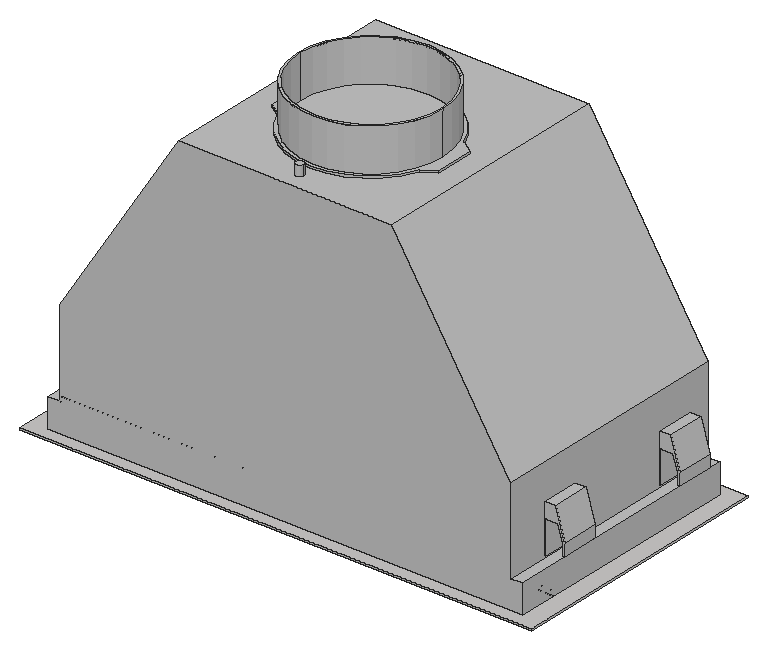
Revit family "FP_Revit_18_HP60IDCHX3_Rangehood_90001861A", category Specialty Equipment, Revit 2018
Family settings
  Round Connector Dimension = Use Diameter
  Part Type = Normal
  OmniClass Number = 23.40.40.00
  OmniClass Title = Food Service Equipment and Furnishings
  Work Plane-Based = No
  Always vertical = Yes
  Cut with Voids When Loaded = Yes
  Shared = No
  Room Calculation Point = No
Parameters
  Visibility - Clearance Required = yes
  URL = "www.fisherpaykel.com"
  Product - Width = 530 mm  # constant formula
  Product - Height = 361 mm  # constant formula
  Product - Depth = 280 mm  # constant formula
  Model = "HP60IDCHX3"
  Material - Trim = Fisher & Paykel - Stainless Steel
  Material - Glass = Fisher & Paykel - Glass, Black
  Material - Body = Fisher & Paykel - Grey
  Manufacturer = "Fisher & Paykel Appliances"
  Keynote = ""
  FFL Offset [instance] = 1550 mm
  Description = "60cm Built-in Integrated Rangehood"
  Connector Description - Extraction = "Use rigid or semi-rigid ducting 150mm diameter, 780m³/hr"
  Connector Description - Electrical = "220-240 V, 50Hz,"
  Chassis - Width = 492 mm  # constant formula
  Chassis - Height = 315 mm  # constant formula
  Chassis - Depth = 255 mm  # constant formula
  Cavity - Width = 500 mm  # constant formula
  Cavity - Height = 365 mm  # constant formula
  Cavity - Depth = 260 mm  # constant formula
Reference planes
  plane 1 "Center (Front/Back)": y = 0
  plane 2: z = 0
  plane 3 "Center (Left/Right)": x = 0
  plane 4 "Product - LHS": x = -265
  plane 5 "Product - RHS": x = 265
  plane 6 "Product - Rear": y = 140
  plane 7 "Cavity - Rear": y = 130
  plane 8 "Chassis - LHS": x = -246
  plane 9 "Chassis - RHS": x = 246
  plane 10 "Product - Front": y = -140
  plane 11 "Cavity - Front": y = -130
  plane 12 "Chassis - Rear": y = 127.5
  plane 13 "Chassis - Front": y = -127.5
  plane 14 "Cavity - RHS": x = 250
  plane 15 "Cavity - LHS": x = -250
  plane 16 "FFL Offset": z = 1550
  plane 17 "Frame": z = 1548
Forms (mm)
  Extrusion 1, solid, material "Fisher & Paykel - Grey" <- "Material - Body"
    sketch origin (0, -130, 0) x (-1, 0, 0) y (0, 0, 1)
      loop
        line (-234, 1580) -> (-246, 1580) -> (-246, 1550) -> (246, 1550) -> (246, 1580) -> (234, 1580) -> (234, 1669) -> (110.5, 1865) -> (-110.5, 1865) -> (-234, 1669) -> (-234, 1580)
    from 2.5 to 257.5
  Extrusion 2, void
    sketch origin (0, 0, 0) x (0, 1, 0) y (0, 0, 1)
      loop
        line (-125.5, 1548) -> (-87.449, 1548) -> (-87.449, 1550) -> (-85.042, 1553.195) -> (-110.289, 1572.22) -> (-112.696, 1569.025) -> (-125.5, 1563.852) -> (-125.5, 1548)
      loop
        line (-67.5, 1548) -> (125.5, 1548) -> (125.5, 1568) -> (117.5, 1568) -> (117.5, 1578) -> (-67.5, 1578) -> (-67.5, 1548)
    from -245 to 245
  Extrusion 3, solid, material "Fisher & Paykel - Stainless Steel" <- "Material - Trim"
    sketch origin (0, 0, 0) x (1, 0, 0) y (0, 1, 0)
      loop
        line (-265, -140) -> (265, -140) -> (265, 140) -> (-265, 140) -> (-265, -140)
      loop
        line (-245, -125) -> (245, -125) -> (245, -87) -> (-245, -87) -> (-245, -125)
      loop
        line (-245, -67) -> (245, -67) -> (245, 125) -> (-245, 125) -> (-245, -67)
    from 1548 to 1550
  Extrusion 4, solid, material "Fisher & Paykel - Glass, Black" <- "Material - Glass", detail levels fine
    sketch origin (0, 0, 0) x (1, 0, 0) y (0, 1, 0)
      loop
        line (-227, -47.8) -> (227, -47.8) -> (227, 109.2) -> (-227, 109.2) -> (-227, -47.8)
    from 1548 to 1551
  Extrusion 5, solid, material "Fisher & Paykel - Grey"
    sketch origin (0, 0, 0) x (1, 0, 0) y (0, 1, 0)
      loop
        circle (0, -17) r 75
      loop
        circle (0, -17) r 73
    from 1867.021 to 1911
  Extrusion 6, solid, material "Fisher & Paykel - Grey" <- "Material - Body", detail levels fine
    sketch origin (0, 0, -0.879) x (1, 0, 0) y (0, 1, 0)
      loop
        line (-86.5, 3) -> (-86.5, -37) -> (-73.484, -46)
        arc (-73.484, -46) -> (0, -96) -> (73.484, -46) r 79
        line (73.484, -46) -> (86.5, -37) -> (86.5, 3) -> (73.484, 12)
        arc (73.484, 12) -> (0, 62) -> (-73.484, 12) r 79
        line (-73.484, 12) -> (-86.5, 3)
    from 1865.879 to 1867.9
  Extrusion 7, solid, material "Fisher & Paykel - Grey" <- "Material - Body", detail levels fine
    sketch origin (0, 0, 0) x (1, 0, 0) y (0, 1, 0)
      loop
        circle (0, -108.984) r 4
    from 1865 to 1874.8
  Extrusion 8, solid, material "Fisher & Paykel - Glass, Black" <- "Material - Glass", detail levels fine
    sketch origin (0, 0, 1550) x (0, 1, 0) y (0, 0, 1)
      loop
        line (-87.449, 0) -> (-85.042, 3.195) -> (-110.289, 22.22) -> (-112.696, 19.025) -> (-87.449, 0)
    from -245 to 245
  Extrusion 9, solid, material "Fisher & Paykel - Clearance Required", visible <- "Visibility - Clearance Required", detail levels coarse
    sketch origin (0, 0, 0) x (1, 0, 0) y (0, 1, 0)
      loop
        line (-250, 130) -> (-250, -130) -> (250, -130) -> (250, 130) -> (-250, 130)
    from 1550 to 1915
  Extrusion 10, solid, material "Fisher & Paykel - Clearance Required", visible <- "Visibility - Clearance Required", detail levels coarse
    sketch origin (0, 0, 0) x (1, 0, 0) y (0, 1, 0)
      loop
        circle (0, -17) r 80
    from 1915 to 1965
  Extrusion 11, solid, material "Fisher & Paykel - Grey" <- "Material - Body", detail levels medium+fine
    sketch origin (0, 0, 1550) x (1, 0, 0) y (0, 0, 1)
      loop
        line (-248.5, 67) -> (-236, 67) -> (-236, 33) -> (-234, 33) -> (-234, 83) -> (-246, 83) -> (-255, 51) -> (-255, 39) -> (-253, 39) -> (-253, 51) -> (-248.5, 67)
      loop
        line (248.5, 67) -> (253, 51) -> (253, 39) -> (255, 39) -> (255, 51) -> (246, 83) -> (234, 83) -> (234, 33) -> (236, 33) -> (236, 67) -> (248.5, 67)
    from 46 to 85.042
  Extrusion 12, solid, material "Fisher & Paykel - Grey" <- "Material - Body", detail levels medium+fine
    sketch origin (0, 0, 1550) x (1, 0, 0) y (0, 0, -1)
      loop
        line (-248.5, -67) -> (-253, -51) -> (-253, -39) -> (-255, -39) -> (-255, -51) -> (-246, -83) -> (-234, -83) -> (-234, -33) -> (-236, -33) -> (-236, -67) -> (-248.5, -67)
      loop
        line (248.5, -67) -> (236, -67) -> (236, -33) -> (234, -33) -> (234, -83) -> (246, -83) -> (255, -51) -> (255, -39) -> (253, -39) -> (253, -51) -> (248.5, -67)
    from 64 to 103
  Extrusion 13, void
    sketch origin (0, 0, 0) x (1, 0, 0) y (0, 1, 0)
      loop
        line (-250, 130) -> (-250, -130) -> (250, -130) -> (250, 130) -> (-250, 130)
    from 1550 to 1915
  Extrusion 14, void
    sketch origin (0, 0, 0) x (1, 0, 0) y (0, 1, 0)
      loop
        circle (0, -17) r 80
    from 1915 to 1965
  Extrusion 15, solid, material "Fisher & Paykel - Glass, Black" <- "Material - Glass", not visible, detail levels fine
    sketch origin (0, 0, 1550) x (0, 1, 0) y (0, 0, 1)
      loop
        line (-87.449, 0) -> (-85.042, 3.195) -> (-110.289, 22.22) -> (-112.696, 19.025) -> (-87.449, 0)
    from -245 to 245
  Extrusion 16, solid, material "Fisher & Paykel - Grey" <- "Material - Body", not visible, detail levels medium+fine
    sketch origin (0, 0, 1550) x (1, 0, 0) y (0, 0, 1)
      loop
        line (-248.5, 67) -> (-236, 67) -> (-236, 33) -> (-234, 33) -> (-234, 83) -> (-246, 83) -> (-255, 51) -> (-255, 39) -> (-253, 39) -> (-253, 51) -> (-248.5, 67)
      loop
        line (248.5, 67) -> (253, 51) -> (253, 39) -> (255, 39) -> (255, 51) -> (246, 83) -> (234, 83) -> (234, 33) -> (236, 33) -> (236, 67) -> (248.5, 67)
    from 46 to 85.042
  Extrusion 17, solid, material "Fisher & Paykel - Grey" <- "Material - Body", not visible, detail levels medium+fine
    sketch origin (0, 0, 1550) x (1, 0, 0) y (0, 0, -1)
      loop
        line (-248.5, -67) -> (-253, -51) -> (-253, -39) -> (-255, -39) -> (-255, -51) -> (-246, -83) -> (-234, -83) -> (-234, -33) -> (-236, -33) -> (-236, -67) -> (-248.5, -67)
      loop
        line (248.5, -67) -> (236, -67) -> (236, -33) -> (234, -33) -> (234, -83) -> (246, -83) -> (255, -51) -> (255, -39) -> (253, -39) -> (253, -51) -> (248.5, -67)
    from 64 to 103
Cuts and joins
  Extrusion 2 cuts Extrusion 1
Text (mm)
  text "Due to ongoing product development, product details are subject to change without notice. \nPlease always refer to www.fisherpaykel.com for the most current product information. \n© Fisher & Paykel 2020" at (41.04, -1044.323, 0), in view "Ref. Level (Plan)"
Dimensions and locks
  equal spacing: plane 4 "Product - LHS", plane 3 "Center (Left/Right)", plane 5 "Product - RHS"
  equal spacing: plane 8 "Chassis - LHS", plane 3 "Center (Left/Right)", plane 9 "Chassis - RHS"
  "Chassis - Width": plane 8 "Chassis - LHS" to plane 9 "Chassis - RHS"
  equal spacing: plane 11 "Cavity - Front", plane 1 "Center (Front/Back)", plane 7 "Cavity - Rear"
  equal spacing: plane 12 "Chassis - Rear", plane 1 "Center (Front/Back)", plane 13 "Chassis - Front"
  equal spacing: plane 6 "Product - Rear", plane 1 "Center (Front/Back)", plane 10 "Product - Front"
  "Cavity - Depth": plane 11 "Cavity - Front" to plane 7 "Cavity - Rear"
  "Product - Depth": plane 6 "Product - Rear" to plane 10 "Product - Front"
  "Product - Width": plane 4 "Product - LHS" to plane 5 "Product - RHS"
  "Chassis - Depth": plane 12 "Chassis - Rear" to plane 13 "Chassis - Front"
  equal spacing: plane 15 "Cavity - LHS", plane 3 "Center (Left/Right)", plane 14 "Cavity - RHS"
  "Cavity - Width": plane 15 "Cavity - LHS" to plane 14 "Cavity - RHS"
  "FFL Offset": plane 16 "FFL Offset" to level
  locked: Extrusion 1 sketch curve to plane 16 "FFL Offset" at 30
  locked: Extrusion 1 sketch curve to plane 16 "FFL Offset" at 119  (x2)
  locked: Extrusion 2 sketch curve to plane 16 "FFL Offset" at 13.852
  locked: Extrusion 2 sketch curve to plane 16 "FFL Offset" at 3.195
  locked: Extrusion 2 sketch curve to plane 16 "FFL Offset" at 19.025
  locked: Extrusion 2 sketch curve to plane 16 "FFL Offset" at 22.22
  locked: plane 16 "FFL Offset" to Extrusion 2 sketch curve at 18
  locked: plane 16 "FFL Offset" to Extrusion 2 sketch curve at 28
  plane 16 "FFL Offset" to plane 17 "Frame" = 2 mm
  locked: Extrusion 6 to cut or joined group of Extrusion 1, Extrusion 2 at 2.021
  cut or joined group of Extrusion 1, Extrusion 2 to plane 16 "FFL Offset" = 315 mm
  locked: Extrusion 7 to plane 16 "FFL Offset" at 324.8
  "Product - Height": Extrusion 5 to plane 16 "FFL Offset"
  "Chassis - Height": cut or joined group of Extrusion 1, Extrusion 2 to plane 16 "FFL Offset"
  locked: Extrusion 4 to plane 17 "Frame" at 3
  locked: Extrusion 11 to plane 16 "FFL Offset" at 83
  "Cavity - Height": Extrusion 9 to plane 16 "FFL Offset"
  locked: Extrusion 10 to Extrusion 9 at 50
  aligned and locked: level to plane 2
  aligned and locked: plane 12 "Chassis - Rear" to Extrusion 1
  aligned and locked: Extrusion 1 to plane 13 "Chassis - Front"
  aligned and locked: plane 7 "Cavity - Rear" to Extrusion 9 sketch curve
  aligned and locked: Extrusion 9 sketch curve to plane 15 "Cavity - LHS"
  aligned and locked: plane 11 "Cavity - Front" to Extrusion 9 sketch curve
  aligned and locked: Extrusion 9 sketch curve to plane 14 "Cavity - RHS"
  aligned and locked: Extrusion 5 to Extrusion 6
  aligned and locked: Extrusion 10 to Extrusion 9
  aligned and locked: Extrusion 1 sketch curve to plane 16 "FFL Offset"
  aligned and locked: Extrusion 1 sketch curve to Extrusion 1 sketch curve
  aligned and locked: Extrusion 2 sketch curve to Extrusion 2 sketch curve
  aligned and locked: Extrusion 6 to cut or joined group of Extrusion 1, Extrusion 2
  aligned and locked: Extrusion 2 to plane 17 "Frame"
  aligned and locked: Extrusion 7 to cut or joined group of Extrusion 1, Extrusion 2
  aligned and locked: Extrusion 3 to cut or joined group of Extrusion 1, Extrusion 2
  aligned and locked: Extrusion 3 to plane 17 "Frame"
  aligned and locked: Extrusion 3 to Extrusion 4
  aligned and locked: Extrusion 9 to cut or joined group of Extrusion 1, Extrusion 2
  aligned and locked: Extrusion 13 to Extrusion 9
  aligned and locked: Extrusion 13 to cut or joined group of Extrusion 1, Extrusion 2
  aligned and locked: Extrusion 14 to Extrusion 9
  aligned and locked: Extrusion 14 to Extrusion 10
Automatic sketch dimensions
  Extrusion 8 sketch curve to Extrusion 8 sketch curve = 2.407 mm
  Extrusion 8 sketch curve to Extrusion 8 sketch curve = 25.247 mm
  Extrusion 11 sketch curve to Extrusion 11 sketch curve = 2 mm  (x4)
  Extrusion 11 sketch curve to Extrusion 11 sketch curve = 6 mm  (x2)
  Extrusion 11 sketch curve to Extrusion 11 sketch curve = 12 mm  (x3)
  Extrusion 11 sketch curve to Extrusion 11 sketch curve = 0 mm  (x3)
  Extrusion 11 sketch curve to Extrusion 11 sketch curve = 16 mm  (x4)
  Extrusion 12 sketch curve to Extrusion 12 sketch curve = 2 mm  (x4)
  Extrusion 12 sketch curve to Extrusion 12 sketch curve = 12 mm  (x4)
  Extrusion 12 sketch curve to Extrusion 12 sketch curve = 16 mm  (x4)
  Extrusion 12 sketch curve to Extrusion 12 sketch curve = 0 mm  (x3)
  Extrusion 12 sketch curve to Extrusion 12 sketch curve = 6 mm  (x2)
  Extrusion 8 sketch curve to Extrusion 8 sketch curve = 3.195 mm
  Extrusion 11 sketch curve to Extrusion 11 sketch curve = 4.5 mm
  Extrusion 11 sketch curve to Extrusion 11 sketch curve = 2.5 mm
  Extrusion 11 sketch curve to Extrusion 11 sketch curve = 17 mm  (x2)
  Extrusion 11 sketch curve to Extrusion 11 sketch curve = 468 mm
  Extrusion 11 sketch curve to Extrusion 11 sketch curve = 12.5 mm
  Extrusion 12 sketch curve to Extrusion 12 sketch curve = 4.5 mm
  Extrusion 12 sketch curve to Extrusion 12 sketch curve = 2.5 mm
  Extrusion 12 sketch curve to Extrusion 12 sketch curve = 468 mm
  Extrusion 12 sketch curve to Extrusion 12 sketch curve = 12.5 mm
  Extrusion 12 sketch curve to Extrusion 12 sketch curve = 17 mm
  Extrusion 1 sketch curve to plane 9 "Chassis - RHS" = 0 mm
  Extrusion 1 sketch curve to Extrusion 1 sketch curve = 12 mm
  plane 3 "Center (Left/Right)" to Extrusion 1 sketch curve = 110.5 mm
  Extrusion 1 sketch curve to plane 3 "Center (Left/Right)" = 110.5 mm
  Extrusion 1 sketch curve to plane 8 "Chassis - LHS" = 12 mm
  Extrusion 1 sketch curve to plane 8 "Chassis - LHS" = 0 mm
  plane 16 "FFL Offset" to Extrusion 1 sketch curve = 315 mm
  Extrusion 2 sketch curve to plane 17 "Frame" = 0 mm
  Extrusion 2 sketch curve to plane 16 "FFL Offset" = 0 mm
  plane 13 "Chassis - Front" to Extrusion 2 sketch curve = 2 mm
  Extrusion 2 sketch curve to Extrusion 2 sketch curve = 12.804 mm
  Extrusion 2 sketch curve to Extrusion 2 sketch curve = 2.407 mm
  Extrusion 2 sketch curve to Extrusion 2 sketch curve = 17.542 mm
  Extrusion 2 sketch curve to plane 12 "Chassis - Rear" = 10 mm
  Extrusion 2 sketch curve to plane 12 "Chassis - Rear" = 2 mm
  Extrusion 3 sketch curve to plane 4 "Product - LHS" = 0 mm
  Extrusion 3 sketch curve to plane 5 "Product - RHS" = 0 mm
  Extrusion 3 sketch curve to plane 8 "Chassis - LHS" = 1 mm  (x2)
  Extrusion 3 sketch curve to plane 9 "Chassis - RHS" = 1 mm  (x2)
  Extrusion 3 sketch curve to plane 10 "Product - Front" = 0 mm
  plane 13 "Chassis - Front" to Extrusion 3 sketch curve = 2.5 mm
  Extrusion 3 sketch curve to Extrusion 3 sketch curve = 38 mm
  Extrusion 3 sketch curve to Extrusion 3 sketch curve = 20 mm
  Extrusion 3 sketch curve to plane 12 "Chassis - Rear" = 2.5 mm
  plane 6 "Product - Rear" to Extrusion 3 sketch curve = 0 mm
  Extrusion 4 sketch curve to plane 8 "Chassis - LHS" = 19 mm
  Extrusion 4 sketch curve to plane 9 "Chassis - RHS" = 19 mm
  plane 1 "Center (Front/Back)" to Extrusion 4 sketch curve = 47.8 mm
  Extrusion 4 sketch curve to plane 12 "Chassis - Rear" = 18.3 mm
  Extrusion 5 sketch curve to Extrusion 5 sketch curve = 0 mm  (x2)
  Extrusion 5 sketch curve to plane 3 "Center (Left/Right)" = 0 mm
  plane 1 "Center (Front/Back)" to Extrusion 5 sketch curve = 17 mm
  Extrusion 6 sketch curve to Extrusion 6 sketch curve = 0 mm  (x3)
  Extrusion 6 sketch curve to plane 3 "Center (Left/Right)" = 0 mm
  plane 1 "Center (Front/Back)" to Extrusion 6 sketch curve = 46 mm  (x2)
  Extrusion 6 sketch curve to plane 3 "Center (Left/Right)" = 73.484 mm
  Extrusion 6 sketch curve to plane 1 "Center (Front/Back)" = 3 mm  (x2)
  Extrusion 6 sketch curve to Extrusion 6 sketch curve = 13.016 mm  (x2)
  Extrusion 6 sketch curve to plane 1 "Center (Front/Back)" = 12 mm  (x3)
  Extrusion 6 sketch curve to Extrusion 6 sketch curve = 9 mm  (x2)
  plane 1 "Center (Front/Back)" to Extrusion 6 sketch curve = 17 mm
  Extrusion 7 sketch curve to plane 3 "Center (Left/Right)" = 0 mm
  plane 13 "Chassis - Front" to Extrusion 7 sketch curve = 18.516 mm
  Extrusion 10 sketch curve to plane 3 "Center (Left/Right)" = 0 mm
  plane 1 "Center (Front/Back)" to Extrusion 10 sketch curve = 17 mm
  Extrusion 13 sketch curve to plane 11 "Cavity - Front" = 0 mm
  Extrusion 13 sketch curve to plane 15 "Cavity - LHS" = 0 mm
  Extrusion 13 sketch curve to plane 14 "Cavity - RHS" = 0 mm
  plane 7 "Cavity - Rear" to Extrusion 13 sketch curve = 0 mm
  Extrusion 14 sketch curve to plane 3 "Center (Left/Right)" = 0 mm
  plane 1 "Center (Front/Back)" to Extrusion 14 sketch curve = 17 mm
  Extrusion 15 sketch curve to Extrusion 15 sketch curve = 2.407 mm
  Extrusion 15 sketch curve to Extrusion 15 sketch curve = 25.247 mm
  Extrusion 16 sketch curve to Extrusion 16 sketch curve = 2 mm  (x4)
  Extrusion 16 sketch curve to Extrusion 16 sketch curve = 6 mm  (x2)
  Extrusion 16 sketch curve to Extrusion 16 sketch curve = 12 mm  (x3)
  Extrusion 16 sketch curve to Extrusion 16 sketch curve = 0 mm  (x3)
  Extrusion 16 sketch curve to Extrusion 16 sketch curve = 16 mm  (x4)
  Extrusion 17 sketch curve to Extrusion 17 sketch curve = 2 mm  (x4)
  Extrusion 17 sketch curve to Extrusion 17 sketch curve = 12 mm  (x4)
  Extrusion 17 sketch curve to Extrusion 17 sketch curve = 16 mm  (x4)
  Extrusion 17 sketch curve to Extrusion 17 sketch curve = 0 mm  (x3)
  Extrusion 17 sketch curve to Extrusion 17 sketch curve = 6 mm  (x2)
  Extrusion 15 sketch curve to Extrusion 15 sketch curve = 3.195 mm
  Extrusion 16 sketch curve to Extrusion 16 sketch curve = 4.5 mm
  Extrusion 16 sketch curve to Extrusion 16 sketch curve = 2.5 mm
  Extrusion 16 sketch curve to Extrusion 16 sketch curve = 17 mm  (x2)
  Extrusion 16 sketch curve to Extrusion 16 sketch curve = 468 mm
  Extrusion 16 sketch curve to Extrusion 16 sketch curve = 12.5 mm
  Extrusion 17 sketch curve to Extrusion 17 sketch curve = 4.5 mm
  Extrusion 17 sketch curve to Extrusion 17 sketch curve = 2.5 mm
  Extrusion 17 sketch curve to Extrusion 17 sketch curve = 468 mm
  Extrusion 17 sketch curve to Extrusion 17 sketch curve = 12.5 mm
  Extrusion 17 sketch curve to Extrusion 17 sketch curve = 17 mm
  radius of Extrusion 5 sketch curve = 75 mm
  radius of Extrusion 5 sketch curve = 73 mm
  radius of Extrusion 7 sketch curve = 4 mm
  radius of Extrusion 10 sketch curve = 80 mm
  radius of Extrusion 14 sketch curve = 80 mm
Connectors
  electrical at (0, -108.984, 1874.8), driven by "Connector Description - Electrical"
    settings: on Extrusion 7, index 1, voltage 230 V, apparent load 0 VA, apparent load phase1 0 VA, apparent load phase2 0 VA, apparent load phase3 0 VA, power factor 1, load classification "Other", number of poles 1, system type 30, power factor state 1, is connector primary yes, connector utility no, sub classification motor no, connector description "220-240 V, 50Hz,"
  hvac at (0, -17, 1911), driven by "Connector Description - Extraction"
    settings: on Extrusion 5, index 2, duct flow 0.0 L/s, flow factor 0, pres drop 0.0 Pa, loss coef 0, conn angle 0.00°, conn width 304.8 mm, conn height 304.8 mm, conn diameter 150 mm, duct sys type 4, conn prof type 0, flow config 0, flow direction 2, loss method 0, conn ref index -1, conn util no, is conn primary yes, conn desc "Use rigid or semi-rigid ducting 150mm diameter, 780m³/hr"
